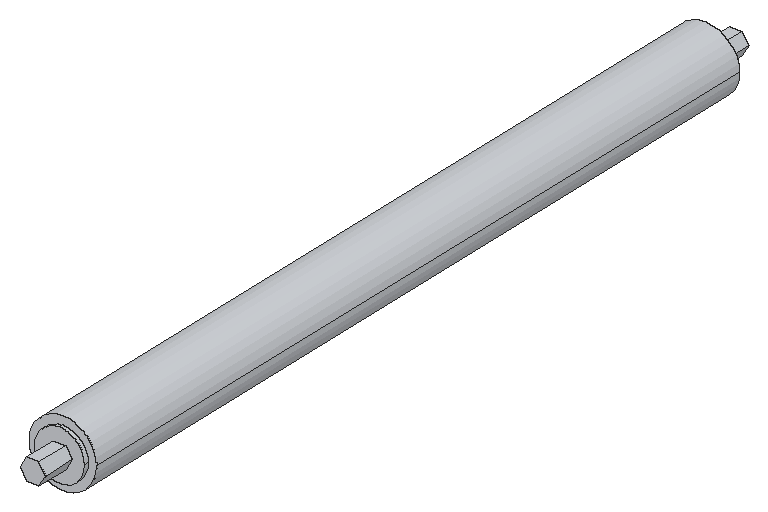
Revit family "roller7", category Generic Models, Revit 2024
Family settings
  Can host rebar = No
  Round Connector Dimension = Use Diameter
  Part Type = Normal
  Work Plane-Based = No
  Always vertical = Yes
  Cut with Voids When Loaded = No
  Maintain Annotation Orientation = No
  Shared = No
  Room Calculation Point = No
Parameters
  roller length = 2' - 0"
  Default Elevation = 0' - 0"
Reference planes (in)
  plane 1 "Center (Front/Back)": y = 0
  plane 2: z = 0
  plane 3 "Center (Left/Right)": x = 0
Forms (in)
  Extrusion 1, solid
    sketch origin (0, 0, 0) x (1, 0, 0) y (0, 0, 1)
      loop
        circle (0, 0) r 1
    from -12 to 12
  Extrusion 2, solid
    sketch origin (0, 12, 0) x (-1, 0, 0) y (0, 0, 1)
      loop
        circle (0, 0) r 0.75
    from 0 to 0.125
  Extrusion 3, solid
    sketch origin (0, 12.125, 0) x (-1, 0, 0) y (0, 0, 1)
      loop
        line (0.375, 0) -> (0.1875, 0.32476) -> (-0.1875, 0.32476) -> (-0.375, 0) -> (-0.1875, -0.32476) -> (0.1875, -0.32476) -> (0.375, 0)
    from 0 to 1
  Extrusion 4, solid
    sketch origin (0, -12, 0) x (1, 0, 0) y (0, 0, 1)
      loop
        circle (0, 0) r 0.75
    from 0 to 0.125
  Extrusion 5, solid
    sketch origin (0, -12.125, 0) x (1, 0, 0) y (0, 0, 1)
      loop
        line (-0.375, 0) -> (-0.1875, -0.32476) -> (0.1875, -0.32476) -> (0.375, 0) -> (0.1875, 0.32476) -> (-0.1875, 0.32476) -> (-0.375, 0)
    from 0 to 1
Dimensions and locks (in)
  equal spacing: Extrusion 1, plane 1 "Center (Front/Back)", Extrusion 1
  "roller length": Extrusion 1 to Extrusion 1
  aligned and locked: plane 2 to level
Automatic sketch dimensions
  Extrusion 1 sketch curve to level = 0' - 0"
  Extrusion 1 sketch curve to plane 3 "Center (Left/Right)" = 0' - 0"
  radius of Extrusion 1 sketch curve = 0' - 1"
  radius of Extrusion 2 sketch curve to Extrusion 1 = 0' - 0 1/4"
  radius of Extrusion 4 sketch curve to Extrusion 1 = 0' - 0 1/4"
